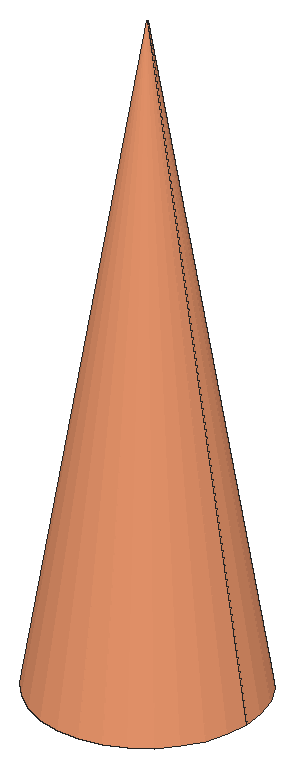
Revit family "Fall Mark", category Generic Models, Revit 2022
Family settings
  Can host rebar = No
  Round Connector Dimension = Use Diameter
  Part Type = Normal
  Work Plane-Based = No
  Always vertical = Yes
  Cut with Voids When Loaded = No
  Maintain Annotation Orientation = No
  Shared = No
  Room Calculation Point = No
Parameters
  Width [instance] = 200 mm
  Lenght Side Triangle [instance] = sqrt(Lenght ^ 2 + (Width / 2) ^ 2)  # 608.276 mm
  Lenght [instance] = 600 mm
  Lenght Base Triangle [instance] = Width  # 200 mm
  Height [instance] = 600 mm
  Default Elevation = 0 mm
Reference planes
  plane 1 "Center (Front/Back)": y = 0
  plane 2: z = 0
  plane 3 "Center (Left/Right)": x = 0
Forms (mm)
  Revolve 1, solid, material "Mark Material"
    sketch origin (4.545, 0, -105.662) x (1, 0, 0) y (0, 0, 1)
      loop
        line (-4.545, 705.662) -> (-104.545, 105.662) -> (-4.545, 105.662) -> (-4.545, 705.662)
      axis (-4.545, 705.662) -> (-4.545, 105.662)
    angle from 0 to 360
Lines and regions (mm)
  reference lines
    curve 1: line (-100, 0, 0) -> (100, 0, 0)
    curve 2: line (-100, 600, 0) -> (100, 600, 0)
    curve 3: line (100, 653.019, 0) -> (100, -76.981, 0)
    curve 4: line (-100, 653.019, 0) -> (-100, -76.981, 0)
    curve 5: line (-100, 0, 600) -> (100, 0, 600)
    curve 6: line (-100, 0, 0) -> (-100, 0, 600)
    curve 7: line (100, 0, 600) -> (100, 0, 0)
  model lines, style "GenericModel"
    curve 8: line (-100, -138.845, 0) -> (0, 461.155, 0)
    curve 9: line (0, 461.155, 0) -> (100, -138.845, 0)
    curve 10: line (100, -138.845, 0) -> (-100, -138.845, 0)
  model lines, style "GenericModel", not visible
    curve 11: line (-100, -138.845, 0) -> (0, 461.155, 0)
    curve 12: line (0, 461.155, 0) -> (100, -138.845, 0)
    curve 13: line (100, -138.845, 0) -> (-100, -138.845, 0)
Dimensions and locks
  equal spacing: curve 4, plane 3 "Center (Left/Right)", curve 3
  "Width": curve 4 to curve 3
  "Lenght": curve 1 to curve 2
  "Height": curve 5 to curve 1
  aligned and locked: level to plane 2
Automatic sketch dimensions
  plane 1 "Center (Front/Back)" to curve 1 = 0 mm
  plane 1 "Center (Front/Back)" to curve 4 = 76.981 mm
  plane 1 "Center (Front/Back)" to curve 3 = 76.981 mm
  curve 2 to curve 4 = 53.019 mm
  curve 2 to curve 3 = 53.019 mm
  curve 6 to level = 0 mm
  curve 7 to level = 0 mm
  curve 6 to plane 3 "Center (Left/Right)" = 100 mm
  plane 3 "Center (Left/Right)" to curve 7 = 100 mm
  Revolve 1 sketch curve to level = 0 mm
  Revolve 1 sketch curve to plane 3 "Center (Left/Right)" = 0 mm  (x2)
  Revolve 1 sketch curve to Revolve 1 sketch curve = 100 mm
  level to Revolve 1 sketch curve = 600 mm
  Revolve 1 sketch curve to level = 416.035 mm
  Revolve 1 sketch curve to Revolve 1 sketch curve = 1564.325 mm
